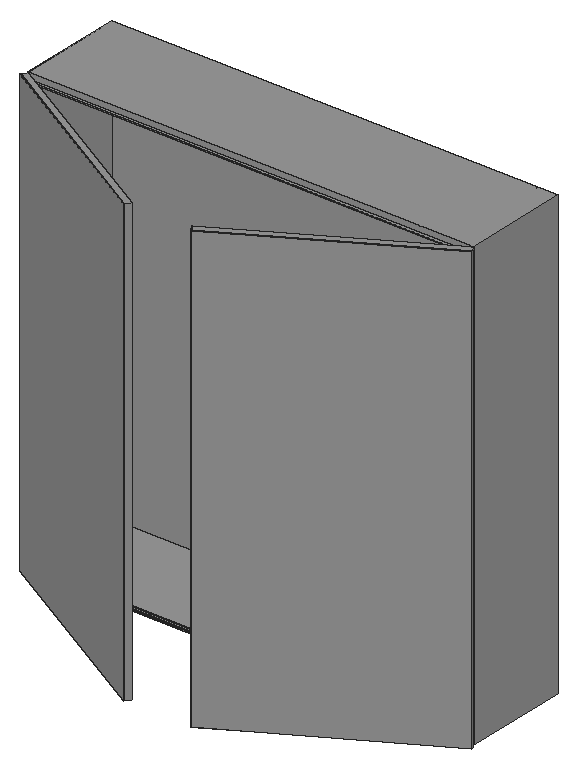
Revit family "Hager-Orion_Inox-IP55-D300-Cl.I-Inox_encl-630A-1200mm-NoHosted-CH-en", category Electrical Equipment, Revit 2020
Family settings
  Panel Configuration = Two Columns, Circuits Across
  Round Connector Dimension = Use Diameter
  Part Type = Panelboard
  Work Plane-Based = Yes
  Always vertical = Yes
  Cut with Voids When Loaded = No
  Shared = No
  Room Calculation Point = No
Parameters (values of type "Surface mounted (plaster) IP55 W1200 H1200 D300  - FL060BWL")
  Width Control [instance] = if([EF000008 - Width] > Min Width, [EF000008 - Width], Min Width)  # 1200 mm
  Type Comments = [HG000003 - Range]  # "Orion Inox"
  Thickness Door [instance] = if([EF009171 - Material plate thickness door/cover] > 3 mm, 3 mm, [EF009171 - Material plate thickness door/cover])  # 1.5 mm
  Seal Frame Offset [instance] = 17 mm  # constant formula
  Min Width [instance] = 100 mm  # constant formula
  Min Depth [instance] = (2 * [EF009170 - Material plate thickness cabinet]) + 1 mm  # 4 mm
  Min Height [instance] = 100 mm  # constant formula
  Internal Frame Depth [instance] = -(Door System Depth * 0.5)  # -9 mm
  Panel Name [instance] = ""  # (empty or 0)
  Model = ""
  HG000027 - Plinth height = 0 mm
  HG000026 - Floor standing = no
  HG000024 - Bottom section height = 600 mm
  HG000023 - Double section enclosure = no
  HG000016 - Door 3d visibility [instance] = yes
  HG000015 - Clearance visibility [instance] = no
  HG000014 - Door on the right [instance] = yes
  HG000013 - Door on the left [instance] = not([HG000014 - Door on the right])  # no
  HG000012 - Door swing angle [instance] = 30.00°
  HG000010 - Asymmetric doors = no
  HG000009 - Double swing door = yes
  HG000006 - Flush mounted = no
  HG000004 - Manufacturer reference = "FL060BWL"
  HG000003 - Range = "Orion Inox"
  HG000002 - With door or cover = yes
  Frame Offset Bottom [instance] = 10 mm  # constant formula
  Frame Offset [instance] = 15 mm  # constant formula
  EF015940 - Cover with overpressure release = no
  EF011959 - Degree of protection (NEMA) = ""
  EF009554 - Number of openings for flange plates = 0
  EF009212 - Cover model = "EV000116 - Closed"
  EF009171 - Material plate thickness door/cover = 1.5 mm
  EF009170 - Material plate thickness cabinet = 1.5 mm
  EF008873 - Nominal current (In) = 630 A
  EF007800 - Suitable for lightning protection = no
  EF006306 - With lock = yes
  EF006244 - Transparent cover/door = no
  EF005474 - Degree of protection (IP) = "EV006420 - IP55"
  EF004464 - Type of door = "EV003602 - Double"
  EF004427 - Number of modules = 0
  EF004293 - Impact strength = "EV008784 - IK10"
  EF003532 - Suitable for outdoor use = yes
  EF002950 - Width in number of modular spacings = 0
  EF001613 - Circuit integrity = "EV000494 - None"
  EF001596 - Material housing = "EV000166 - Stainless steel"
  EF001131 - Internal depth = 266 mm
  EF001088 - Extension possible = yes
  EF000437 - Number of conduit inlets = 0
  EF000339 - Type of cover = "EV004216 - Door"
  EF000266 - Number of rows = 0
  EF000218 - Built-in depth = 0 mm
  EF000118 - With mounting plate = no
  EF000116 - RAL-number = ""
  EF000049 - Depth = 300 mm
  EF000040 - Height = 1200 mm
  EF000008 - Width = 1200 mm
  EF000007 - Colour = "EV000154 - Other"
  EF000003 - Mounting method = "EV000384 - Surface mounted (plaster)"
  Door System Leaf Tolerance [instance] = 1.5 mm  # constant formula
  Door System Depth [instance] = 18 mm  # constant formula
  Description = ""
  Default Elevation = 1219.2 mm
  Connector Offset [instance] = Height Control / 2  # 600 mm
  Manufacturer = "Hager"  # constant formula
  Height Control [instance] = if([EF000040 - Height] > Min Height, [EF000040 - Height], Min Height)  # 1200 mm
  Depth Control [instance] = if([EF000049 - Depth] > Min Depth, [EF000049 - Depth], Min Depth)  # 300 mm
Types (4, lengths in mm): name | Width Control | HG000004 - Manufacturer reference | EF000008 - Width
  Surface mounted (plaster) IP55 W1000 H1200 D300  - FL058BW | 1000 | "FL058BW" | 1000
  Surface mounted (plaster) IP55 W1000 H1200 D300  - FL058BWL | 1000 | "FL058BWL" | 1000
  Surface mounted (plaster) IP55 W1200 H1200 D300  - FL060BW | 1200 | "FL060BW" | 1200
  Surface mounted (plaster) IP55 W1200 H1200 D300  - FL060BWL | 1200 | "FL060BWL" | 1200
Reference planes
  plane 1 "Center (Front/Back)": y = 0
  plane 2: z = 0
  plane 3 "Center (Left/Right)": x = 0
  plane 4: y = 0
  plane 5: y = 0
  plane 6: z = 0
  plane 7: x = -600
  plane 8: x = 600
  plane 9: x = 598.5
  plane 10: x = -598.5
  plane 11: z = 0
  plane 12: z = 1.5
  plane 13: y = -300
  plane 14: y = -1.5
  plane 15: x = 0
  plane 16: y = -282
  plane 17: y = -298.5
  plane 18: y = -280.5
  plane 19: x = -583.5
  plane 20: x = 583.5
  plane 21: z = 11.5
  plane 22: x = -583
  plane 23: x = 583
  plane 24: z = 0
  plane 25: z = 1200
  plane 26: z = 1200
  plane 27: z = 1183.5
  plane 28: z = 1198.5
Forms (mm)
  Extrusion 1, solid, material "Hager_Stainless_Steel", detail levels medium+fine
    sketch origin (-208.679, -4572, 0) x (-1, 0, 0) y (0, -1, 0)
      loop
        line (391.321, -4290) -> (-808.679, -4290) -> (-808.679, -4572) -> (391.321, -4572) -> (391.321, -4290)
    from 0 to 1200
  Extrusion 2, void
    sketch origin (-350.771, -300, 1219.2) x (1, 0, 0) y (0, 0, 1)
      loop
        line (-247.729, -20.7) -> (-247.729, -1217.7) -> (949.271, -1217.7) -> (949.271, -20.7) -> (-247.729, -20.7)
    from -19.5 to -298.5
  Extrusion 3, void
    sketch origin (-290.084, -282, 1219.2) x (1, 0, 0) y (0, 0, 1)
      loop
        line (-293.416, -1207.7) -> (873.584, -1207.7) -> (873.584, -35.7) -> (-293.416, -35.7) -> (-293.416, -1207.7)
    from 0 to -1.5
  Extrusion 4, solid, material "Hager_Stainless_Steel", detail levels fine
    sketch origin (-290.084, -282, 1219.2) x (-1, 0, 0) y (0, 0, 1)
      loop
        line (-873.584, -1207.7) -> (293.416, -1207.7) -> (293.416, -35.7) -> (-873.584, -35.7) -> (-873.584, -1207.7)
      loop
        line (-875.084, -1209.2) -> (294.916, -1209.2) -> (294.916, -34.2) -> (-875.084, -34.2) -> (-875.084, -1209.2)
    from 0 to -9 <- "Internal Frame Depth"
  Extrusion 5, solid, material "Hager_Stainless_Steel", detail levels coarse
    sketch origin (0, 0, 0) x (1, 0, 0) y (0, 1, 0)
      loop
        line (-600, 0) -> (-600, -300) -> (600, -300) -> (600, 0) -> (-600, 0)
    from 0 to 1200 <- "Height Control"
Cuts and joins
  Extrusion 2, Extrusion 3 cuts Extrusion 1
Lines and regions (mm)
  Masking region 1
    outline origin (0, 0, 0) x (1, 0, 0) y (0, 1, 0)
      loop
        line (-600, 0) -> (-600, -300) -> (600, -300) -> (600, 0) -> (-600, 0)
  Masking region 2
    outline origin (-290.084, -282, 1219.2) x (-1, 0, 0) y (0, 0, 1)
      loop
        line (-890.084, -1219.2) -> (309.916, -1219.2) -> (309.916, -19.2) -> (-890.084, -19.2) -> (-890.084, -1219.2)
  Masking region 3, detail levels coarse
    outline origin (0, 0, 0) x (0, 1, 0) y (0, 0, 1)
      loop
        line (0, 0) -> (0, 1200) -> (-300, 1200) -> (-300, 0) -> (0, 0)
  Masking region 4, detail levels medium+fine
    outline origin (0, 0, 594.038) x (0, 1, 0) y (0, 0, 1)
      loop
        line (0, -594.038) -> (0, 605.962) -> (-282, 605.962) -> (-282, -594.038) -> (0, -594.038)
Dimensions and locks
  locked: plane 1 "Center (Front/Back)" to plane 5
  "EF009170 - Material plate thickness cabinet": plane 7 to plane 10
  "EF009170 - Material plate thickness cabinet": plane 8 to plane 9
  equal spacing: plane 7, plane 3 "Center (Left/Right)", plane 8
  "Width Control": plane 7 to plane 8
  "Depth Control": plane 4 to plane 13
  "EF009170 - Material plate thickness cabinet": plane 4 to plane 14
  "Height Control": plane 25 to level
  "EF009170 - Material plate thickness cabinet": plane 12 to plane 11
  "EF009170 - Material plate thickness cabinet": plane 17 to plane 13
  "EF009170 - Material plate thickness cabinet": plane 18 to plane 16
  "Frame Offset Bottom": plane 21 to plane 12
  "Frame Offset": plane 10 to plane 19
  "Frame Offset": plane 9 to plane 20
  "Door System Depth": plane 16 to plane 13
  "Seal Frame Offset": plane 7 to plane 22
  "Seal Frame Offset": plane 8 to plane 23
  "EF009170 - Material plate thickness cabinet": plane 26 to plane 28
  "Frame Offset": plane 28 to plane 27
  "Connector Offset": plane 2 to connector elem
  "Thickness Door": cut or joined group of Extrusion 1, Extrusion 2, Extrusion 3 to Extrusion 4 sketch curve
  "Thickness Door": Extrusion 4 sketch curve to plane 19
  "Thickness Door": Extrusion 4 sketch curve to plane 20
  "Thickness Door": Extrusion 4 sketch curve to plane 27
  aligned and locked: Extrusion 2 sketch curve to plane 12
  aligned and locked: Extrusion 2 sketch curve to plane 9
  aligned and locked: Extrusion 2 sketch curve to plane 10
  aligned and locked: Extrusion 2 to plane 14
  aligned and locked: Extrusion 1 sketch curve to plane 4
  aligned and locked: plane 8 to Extrusion 1 sketch curve
  aligned and locked: plane 7 to Extrusion 1 sketch curve
  aligned and locked: Extrusion 2 to plane 18
  aligned and locked: Extrusion 3 sketch curve to plane 19
  aligned and locked: plane 20 to Extrusion 3 sketch curve
  aligned and locked: Extrusion 3 to Extrusion 2
  aligned and locked: Extrusion 3 sketch curve to plane 21
  aligned and locked: plane 3 "Center (Left/Right)" to nested 1
  aligned and locked: Extrusion 1 sketch curve to plane 16
  aligned and locked: Masking region 1 sketch curve to plane 7
  aligned and locked: Masking region 1 sketch curve to plane 5
  aligned and locked: Masking region 1 sketch curve to plane 8
  aligned and locked: Masking region 2 sketch curve to level
  aligned and locked: level to Masking region 3 sketch curve
  aligned and locked: plane 1 "Center (Front/Back)" to Masking region 3 sketch curve
  aligned and locked: plane 13 to Masking region 3 sketch curve
  aligned and locked: Masking region 2 sketch curve to plane 8
  aligned and locked: Masking region 2 sketch curve to plane 7
  aligned and locked: plane 7 to nested 2
  aligned and locked: nested 2 to plane 5
  aligned and locked: plane 5 to Masking region 4 sketch curve
  aligned and locked: plane 26 to Masking region 4 sketch curve
  aligned and locked: Extrusion 5 sketch curve to plane 8
  aligned and locked: Extrusion 5 sketch curve to plane 7
  aligned and locked: Extrusion 5 sketch curve to plane 5
  aligned and locked: Extrusion 3 sketch curve to plane 27
  aligned and locked: Extrusion 2 sketch curve to plane 28
  aligned and locked: Extrusion 4 sketch curve to plane 27
  aligned and locked: Extrusion 4 sketch curve to plane 20
  aligned and locked: Extrusion 4 sketch curve to plane 21
  aligned and locked: Extrusion 4 sketch curve to plane 19
  aligned and locked: Masking region 2 to plane 25
  aligned and locked: Masking region 4 sketch curve to plane 24
  aligned and locked: Masking region 1 to plane 13
  aligned and locked: nested 1 to plane 16
  aligned and locked: Masking region 3 to plane 25
  aligned and locked: Masking region 4 sketch curve to plane 16
  aligned and locked: plane 24 to plane 11
  aligned and locked: plane 26 to plane 25
  aligned and locked: level to plane 24
  aligned and locked: Extrusion 1 to Masking region 3
  aligned and locked: level to nested 1
Automatic sketch dimensions
  Extrusion 5 sketch curve to plane 13 = 0 mm
  plane 27 to Masking region 2 sketch curve = 16.5 mm
  plane 27 to Masking region 3 sketch curve = 16.5 mm
  Masking region 1 sketch curve to plane 13 = 0 mm
  Extrusion 3 sketch curve to plane 21 = 0 mm
  plane 19 to Extrusion 3 sketch curve = 0 mm
  Extrusion 3 sketch curve to plane 20 = 0 mm
Nested families
  nested 1: "EC000058_OrionInox_Door" at (0, -282, 0), Double <- "HG000009 - Double swing door", Transparent <- "EF006244 - Transparent cover/door", Angle <- "HG000012 - Door swing angle", Door_Right <- "HG000014 - Door on the right", Assymetrical <- "HG000010 - Asymmetric doors", Door <- "HG000002 - With door or cover", Width_Ctrl <- "Width Control", 3d_Door <- "HG000016 - Door 3d visibility", Clearance <- "HG000015 - Clearance visibility", Door_Left <- "HG000013 - Door on the left", Width <- "Width Control", Door_Depth <- "Door System Depth", Leaf_Tolerance <- "Door System Leaf Tolerance", Height <- "Height Control", Thickness <- "Thickness Door", type "EC000058_OrionInox_Door", detail levels medium+fine
    with min_wh 4 mm, Width_Ctrl 1200 mm, Width 1200 mm, Transparent no, Thickness 1.5 mm, Seal_Material Hager_Rubber, Leaf_Width 1200 mm, Leaf_Tolerance_External_Sides 0 mm, Leaf_Tolerance 1.5 mm, Leaf_Offset 0 mm, Leaf_Height 1197 mm, Leaf_2_Width 598.5 mm, Leaf_2_Offset 300 mm, Leaf_1_Width 598.5 mm, Leaf_1_Offset 300 mm, Height_Ctrl 1200 mm, Height 1200 mm, Glass_Material Hager_Glass, Double_Clearance_Ctrl no, Double yes, Door_Right_Ctrl yes, Door_Right yes, Door_Material Hager_Stainless_Steel, Door_Left_Ctrl yes, Door_Left no, Door_Depth 18 mm, Door yes, Clearance_Material Hager_Clearance, Clearance_Depth 598.5 mm, Clearance_Ctrl no, Clearance no, Assymetrical no, Angle 30.00°, 3d_Door yes
  nested 2: "Hager_Enclosure_Symbol" at (-600, 0, 0), Height <- "Depth Control", Width <- "Width Control", type "Hager_Enclosure_Symbol"
    with Width_Ctrl 1200 mm, Width 1200 mm, Height_Ctrl 300 mm, Height 300 mm, A_Width_Int 19.688 mm, A_Width 236.25 mm, A_Height_Ctrl 262.5 mm, A_Height 262.5 mm
Connectors
  electrical at (0, 0, 600)
    settings: on plane 1 "Center (Front/Back)", index 1, voltage 0 V, apparent load 0 VA, apparent load phase1 0 VA, apparent load phase2 0 VA, apparent load phase3 0 VA, power factor 1, load classification "Other", number of poles 1, system type 30, power factor state 1, is connector primary yes, connector utility no, sub classification motor no, connector description ""
Definition of nested family "EC000058_OrionInox_Door"
  Parameters (values of type "EC000058_OrionInox_Door")
    min_wh [instance] = (2 * Thickness) + 1 mm  # 11 mm
    Width_Ctrl [instance] = 400 mm
    Width [instance] = 500 mm
    Transparent [instance] = yes
    Thickness [instance] = 5 mm
    Seal_Material [instance] = none
    Leaf_Width [instance] = if((Width_Ctrl - 2 * Leaf_Tolerance_External_Sides) > 0 mm, (Width_Ctrl - 2 * Leaf_Tolerance_External_Sides), min_wh)  # 400 mm
    Leaf_Tolerance_External_Sides [instance] = 0 mm  # constant formula
    Leaf_Tolerance [instance] = 1.5 mm
    Leaf_Offset [instance] = 0 mm  # constant formula
    Leaf_Height [instance] = if((Height_Ctrl - 2 * Leaf_Tolerance) > 0 mm, (Height_Ctrl - 2 * Leaf_Tolerance), min_wh)  # 497 mm
    Leaf_2_Width [instance] = if(and(and(Double, Assymetrical), Door_Left), (Leaf_Width / 3) - (Leaf_Tolerance / 2), if(and(and(Double, Assymetrical), Door_Right), (Leaf_Width / 3) * 2 - (Leaf_Tolerance / 2), if(and(Double, not(Assymetrical)), (Leaf_Width / 2) - Leaf_Tolerance, Leaf_Width)))  # 400 mm
    Leaf_2_Offset [instance] = if(and(Double, Assymetrical), Leaf_2_Width / 2, if(and(Double, not(Assymetrical)), Leaf_Width / 4, Leaf_Width / 2))  # 200 mm
    Leaf_1_Width [instance] = if(and(and(Double, Assymetrical), Door_Right), (Leaf_Width / 3) - (Leaf_Tolerance / 2), if(and(and(Double, Assymetrical), Door_Left), (Width / 3) * 2 - (Leaf_Tolerance / 2), if(and(Double, not(Assymetrical)), (Leaf_Width / 2) - Leaf_Tolerance, Leaf_Width)))  # 400 mm
    Leaf_1_Offset [instance] = if(and(Double, Assymetrical), Leaf_1_Width / 2, if(and(Double, not(Assymetrical)), Leaf_Width / 4, Leaf_Width / 2))  # 200 mm
    Height_Ctrl [instance] = if(Height > min_wh, Height, min_wh)  # 500 mm
    Height [instance] = 500 mm
    Glass_Material [instance] = none
    Double_Clearance_Ctrl [instance] = and(Double, Clearance)  # no
    Double [instance] = no
    Door_Right_Ctrl [instance] = and(or(Door_Right, Double), Door)  # yes
    Door_Right [instance] = yes
    Door_Material [instance] = none
    Door_Left_Ctrl [instance] = and(or(Door_Left, Double), Door)  # no
    Door_Left [instance] = no
    Door_Depth [instance] = 30 mm
    Door [instance] = yes
    Default Elevation = 1219.2 mm
    Clearance_Material [instance] = none
    Clearance_Depth [instance] = if(Leaf_1_Width > Leaf_2_Width, Leaf_1_Width, Leaf_2_Width)  # 400 mm
    Clearance_Ctrl [instance] = and(not(Double), Clearance)  # yes
    Clearance [instance] = yes
    Assymetrical [instance] = yes
    Angle [instance] = 30.00°
    3d_Door [instance] = yes
  Reference planes
    plane 1 "Center (Front/Back)": y = 0
    plane 2 "Bottom": z = 0
    plane 3 "Center (Left/Right)": x = 0
    plane 4: z = 500
    plane 5: x = -200
    plane 6: x = 200
    plane 7: z = 500
    plane 8: x = -200
    plane 9: z = 0
    plane 10: x = 200
    plane 11: y = 0
    plane 12: z = 1.5
    plane 13: x = -600
    plane 14: y = -400
    plane 15: x = 600
    plane 16: x = 0
    plane 17: x = 0
    plane 18: x = -200
    plane 19: x = 200
    plane 20: z = 498.5
  Forms (mm)
    Extrusion 1, solid, material <- "Clearance_Material", visible <- "Double_Clearance_Ctrl"
      sketch origin (1200, 0, 0) x (1, 0, 0) y (0, 0, -1)
        loop
          line (-1800, -498.5) -> (-600, -498.5) -> (-600, 0) -> (-1800, 0) -> (-1800, -498.5)
      from 0 to -400
  Dimensions and locks
    equal spacing: plane 5, plane 3 "Center (Left/Right)", plane 6
    "Width_Ctrl": plane 5 to plane 6
    "Leaf_Offset": plane 5 to plane 8
    "Leaf_Offset": plane 6 to plane 10
    "Leaf_Offset": plane 9 to level
    "Leaf_Offset": plane 4 to plane 7
    "Height_Ctrl": plane 4 to level
    "Leaf_Tolerance": plane 12 to plane 9
    locked: plane 11 to plane 1 "Center (Front/Back)"
    "Leaf_1_Offset": plane 18 to plane 16
    "Leaf_2_Offset": plane 17 to plane 19
    "Leaf_1_Width": plane 13 to plane 8
    "Leaf_2_Width": plane 10 to plane 15
    "Clearance_Depth": plane 14 to plane 1 "Center (Front/Back)"
    "Leaf_Tolerance_External_Sides": plane 8 to plane 18
    "Leaf_Tolerance_External_Sides": plane 19 to plane 10
    "Leaf_Tolerance": plane 7 to plane 20
    aligned and locked: level to plane 2 "Bottom"
    aligned and locked: nested 1 to plane 16
    aligned and locked: nested 2 to plane 17
    aligned and locked: Extrusion 1 to plane 13
    aligned and locked: plane 15 to Extrusion 1
    aligned and locked: Extrusion 1 to plane 14
    aligned and locked: plane 12 to nested 1
    aligned and locked: nested 2 to plane 12
    aligned and locked: Extrusion 1 to plane 11
    aligned and locked: plane 20 to Extrusion 1
    aligned and locked: nested 2 to plane 11
    aligned and locked: nested 1 to plane 11
  Automatic sketch dimensions
    Extrusion 1 sketch curve to level = 0 mm
    plane 5 to Extrusion 1 sketch curve = 400 mm
    plane 6 to Extrusion 1 sketch curve = 400 mm
    Extrusion 1 sketch curve to plane 4 = 1.5 mm
  Nested families
    nested 1: "EC000058_OrionInox_Door_Leaf" at (0, 0, 1.5), Width <- "Leaf_1_Width", visible <- "Door_Left_Ctrl", Leaf_Height <- "Leaf_Height", Angle <- "Angle", 3d_Door <- "3d_Door", Transparent <- "Transparent", Clearance Material <- "Clearance_Material", Clearance <- "Clearance_Ctrl", Door_Material <- "Door_Material", Glass_Material <- "Glass_Material", Door_Depth <- "Door_Depth", Seal_Material <- "Seal_Material", Thickness <- "Thickness", type "EC000058_OrionInox_Door_Leaf"
      with Width 400 mm, Transparent_Ctrl yes, Transparent yes, Thickness 5 mm, Standard no, Seal_Material none, Seal_D2 8 mm, Seal_D1 1 mm, Offset_Internal_Frame 10 mm, Lock_Width 28 mm, Lock_Thickness 2 mm, Lock_Radius 6 mm, Leaf_Height 497 mm, Internal_Seal_Thickness 8 mm, Internal_Seal_Depth_2 4.5 mm, Internal_Frame_Depth 25 mm, Glass_Thickness -1 mm, Glass_Offset -2 mm, Glass_Material none, Door_Material none, Door_Depth 30 mm, Clearance Material none, Clearance yes, Angle_Ctrl 30.00°, Angle 30.00°, 3d_Door yes
    nested 2: "EC000058_OrionInox_Door_Leaf" at (0, 0, 1.5) x (-1, 0, 0) z (0, 0, 1), Width <- "Leaf_2_Width", visible <- "Door_Right_Ctrl", Leaf_Height <- "Leaf_Height", Angle <- "Angle", 3d_Door <- "3d_Door", Transparent <- "Transparent", Clearance Material <- "Clearance_Material", Clearance <- "Clearance_Ctrl", Door_Material <- "Door_Material", Glass_Material <- "Glass_Material", Door_Depth <- "Door_Depth", Seal_Material <- "Seal_Material", Thickness <- "Thickness", type "EC000058_OrionInox_Door_Leaf"
      with Width 400 mm, Transparent_Ctrl yes, Transparent yes, Thickness 5 mm, Standard no, Seal_Material none, Seal_D2 8 mm, Seal_D1 1 mm, Offset_Internal_Frame 10 mm, Lock_Width 28 mm, Lock_Thickness 2 mm, Lock_Radius 6 mm, Leaf_Height 497 mm, Internal_Seal_Thickness 8 mm, Internal_Seal_Depth_2 4.5 mm, Internal_Frame_Depth 25 mm, Glass_Thickness -1 mm, Glass_Offset -2 mm, Glass_Material none, Door_Material none, Door_Depth 30 mm, Clearance Material none, Clearance yes, Angle_Ctrl 30.00°, Angle 30.00°, 3d_Door yes
  Definition of nested family "EC000058_OrionInox_Door_Leaf"
    Parameters (values of type "EC000058_OrionInox_Door_Leaf")
      Width [instance] = 450 mm
      Transparent_Ctrl [instance] = and(Transparent, [3d_Door])  # yes
      Transparent [instance] = yes
      Thickness [instance] = 5 mm
      Standard [instance] = and(not(Transparent), [3d_Door])  # no
      Seal_Material [instance] = none
      Seal_D2 [instance] = 8 mm  # constant formula
      Seal_D1 [instance] = 1 mm  # constant formula
      Offset_Internal_Frame [instance] = 10 mm  # constant formula
      Lock_Width [instance] = Door_Depth - Lock_Thickness  # 28 mm
      Lock_Thickness [instance] = 2 mm  # constant formula
      Lock_Radius [instance] = 6 mm  # constant formula
      Leaf_Height [instance] = 450 mm
      Internal_Seal_Thickness [instance] = 8 mm  # constant formula
      Internal_Seal_Depth_2 [instance] = 4.5 mm  # constant formula
      Internal_Frame_Depth [instance] = if(Door_Depth - Thickness > 5 mm, Door_Depth - Thickness, 5 mm)  # 25 mm
      Glass_Thickness [instance] = if(Thickness > 15 mm, Glass_Offset + 10 mm, -1 mm)  # -1 mm
      Glass_Offset [instance] = if(Thickness > 15 mm, -(Thickness + 10 mm) / 2, -2 mm)  # -2 mm
      Glass_Material [instance] = none
      Door_Material [instance] = none
      Door_Depth [instance] = 30 mm
      Default Elevation = 0 mm
      Clearance Material [instance] = none
      Clearance [instance] = yes
      Angle_Ctrl [instance] = if(Angle > 180.00°, 180.00°, Angle)  # 90.00°
      Angle [instance] = 90.00°
      3d_Door [instance] = yes
    Reference planes
      plane 1 "Center (Front/Back)": y = 0
      plane 2: z = 0
      plane 3 "Center (Left/Right)": x = 0
      plane 4: y = 450
      plane 5: x = -225
      plane 6: x = 225
      plane 7: x = -675
      plane 8: z = 450
      plane 9: z = 30
      plane 10: z = 420
      plane 11: x = 195
      plane 12: x = -195
      plane 13: y = -3
      plane 14: z = 107.833
      plane 15: y = -5
      plane 16: y = -223.314
      plane 17: x = -225
      plane 18: y = 30
    Forms (mm)
      Extrusion 1, solid, material <- "Clearance Material", visible <- "Clearance"
        sketch origin (0, 0, 0) x (1, 0, 0) y (0, 0, 1)
          loop
            line (-675, 450) -> (-675, 0) -> (225, 0) -> (225, 450) -> (-675, 450)
        from 0 to -450
      Extrusion 2, solid, material <- "Door_Material", visible <- "Standard", detail levels medium+fine
        sketch origin (-225, 0, 0) x (0, 1, 0) y (-1, 0, 0)
          loop
            line (0, 30) -> (0, 25) -> (450, 25) -> (450, 30) -> (0, 30)
        from 0 to 450 <- "Leaf_Height"
      Extrusion 3, solid, material <- "Door_Material", visible <- "Transparent_Ctrl", detail levels medium+fine
        sketch origin (-225, 0, 0) x (0, 1, 0) y (-1, 0, 0)
          loop
            line (0, 25) -> (450, 25) -> (450, 30) -> (0, 30) -> (0, 25)
        from 0 to 450 <- "Leaf_Height"
      Extrusion 4, void
        sketch origin (-250, 450, 0) x (0, 1, 0) y (0, 0, -1)
          loop
            line (-30, -420) -> (-30, -30) -> (-420, -30) -> (-420, -420) -> (-30, -420)
        from 0 to 5 <- "Thickness"
      Sweep 5, solid, material <- "Seal_Material", visible <- "Transparent_Ctrl", detail levels fine
        path in 3D
          loop
            line (-250, 30, 30) -> (-250, 30, 420) -> (-250, 420, 420) -> (-250, 420, 30) -> (-250, 30, 30)
        profile origin (-250, 225, 30) x (1, 0, 0) y (0, 0, 1)
          loop
            line (0, 0) -> (0, -8) -> (1, -8) -> (1, 0) -> (0, 0)
      Extrusion 6, solid, material <- "Glass_Material", visible <- "Transparent_Ctrl", detail levels medium+fine
        sketch origin (-255, 0, 0) x (0, 1, 0) y (0, 0, -1)
          loop
            line (420, -420) -> (420, -30) -> (30, -30) -> (30, -420) -> (420, -420)
        from -2 <- "Glass_Offset" to -1 <- "Glass_Thickness"
      Extrusion 7, solid, material <- "Door_Material", visible <- "3d_Door", detail levels medium+fine
        sketch origin (-250, 450, 0) x (0, -1, 0) y (0, 0, -1)
          loop
            line (0, -450) -> (450, -450) -> (450, 0) -> (0, 0) -> (0, -450)
          loop
            line (445, -5) -> (5, -5) -> (5, -445) -> (445, -445) -> (445, -5)
        from 0 to 25 <- "Internal_Frame_Depth"
      Sweep 8, solid, material <- "Seal_Material", visible <- "Transparent_Ctrl", detail levels fine
        path in 3D
          loop
            line (-250, 0, 0) -> (-250, 450, 0) -> (-250, 450, 450) -> (-250, 0, 450) -> (-250, 0, 0)
        profile origin (-250, 0, 225) x (1, 0, 0) y (0, 1, 0)
          loop
            line (0, 10) -> (2.975, 10)
            arc (2.975, 10) -> (4.053, 10.447) -> (4.5, 11.525) r 1.525
            line (4.5, 11.525) -> (4.5, 16.527)
            arc (4.5, 16.527) -> (4.069, 17.569) -> (3.027, 18) r 1.473
            line (3.027, 18) -> (0, 18) -> (0, 10)
    Cuts and joins
      Extrusion 4 cuts Extrusion 3
    Lines and regions (mm)
      Masking region 1, detail levels medium+fine
        outline origin (0, 0, 0) x (0, 1, 0) y (0, 0, 1)
          loop
            line (0, 0) -> (30, 0) -> (30, 450) -> (0, 450) -> (0, 0)
      Masking region 2, detail levels medium+fine
        outline origin (0, 0, 0) x (1, 0, 0) y (0, 0, 1)
          loop
            line (-225, 450) -> (-225, 0) -> (225, 0) -> (225, 450) -> (-225, 450)
      symbolic lines
        curve 1: line (225, 0, 0) -> (-675, 0, 0)
        curve 2: arc (225, 0, 0) -> (-225, 450, 0) -> (-675, 0, 0) r 450
        curve 4: line (-255, 0, 0) -> (-255, 450, 0)
      reference lines
        curve 3: line (-225, 0, 0) -> (-225, 450, 0)
      symbolic lines, detail levels medium+fine
        curve 5: line (-255, 450, 0) -> (-250, 450, 0)
        curve 7: line (-250, 0, 0) -> (-255, 0, 0)
        curve 8: line (-250, 0, 0) -> (-225, 0, 0)
        curve 9: line (-225, 0, 0) -> (-225, 450, 0)
        curve 10: line (-225, 450, 0) -> (-250, 450, 0)
      symbolic lines, detail levels fine
        curve 6: line (-250, 450, 0) -> (-250, 0, 0)
      sketch lines
        curve 11: line (-250, 0, 450) -> (-250, 0, 0)
        curve 12: line (-250, 450, 0) -> (-250, 0, 0)
        curve 13: line (-250, 450, 450) -> (-250, 450, 0)
        curve 14: line (-250, 0, 450) -> (-250, 450, 450)
        curve 15: line (-250, 420, 30) -> (-250, 30, 30)
        curve 16: line (-250, 30, 30) -> (-250, 30, 420)
        curve 17: line (-250, 420, 420) -> (-250, 420, 30)
        curve 18: line (-250, 30, 420) -> (-250, 420, 420)
      symbolic lines, visible <- "Transparent", detail levels medium+fine
        curve 19: line (-195, 0, 420) -> (195, 0, 420)
        curve 20: line (-195, 0, 30) -> (-195, 0, 420)
        curve 21: line (195, 0, 30) -> (-195, 0, 30)
        curve 22: line (195, 0, 420) -> (195, 0, 30)
    Dimensions and locks
      "Width": plane 1 "Center (Front/Back)" to plane 4
      equal spacing: plane 5, plane 3 "Center (Left/Right)", plane 6
      "Width": plane 5 to plane 6
      "Width": plane 7 to plane 5
      "Leaf_Height": plane 8 to level
      "Width": curve 5 to curve 3
      "Width": curve 3 to curve 3
      plane 8 to plane 10 = 30 mm
      plane 9 to level = 30 mm
      plane 12 to plane 5 = 30 mm
      plane 6 to plane 11 = 30 mm
      Extrusion 4 sketch curve to Extrusion 3 = 30 mm
      Extrusion 3 to Extrusion 4 sketch curve = 30 mm
      Extrusion 1 to Extrusion 4 sketch curve = 30 mm
      curve 3 to Extrusion 4 sketch curve = 30 mm
      Extrusion 4 sketch curve to cut or joined group of Extrusion 3, Extrusion 4 = 30 mm
      cut or joined group of Extrusion 3, Extrusion 4 to Extrusion 6 sketch curve = 30 mm
      cut or joined group of Extrusion 3, Extrusion 4 to Extrusion 4 sketch curve = 30 mm
      "Thickness": curve 6 to curve 4
      "Thickness": Extrusion 7 sketch curve to Extrusion 7 sketch curve  (x4)
      "Door_Depth": curve 4 to curve 3
      "Offset_Internal_Frame": profile plane to Sweep 8 sketch curve
      "Internal_Seal_Thickness": Sweep 8 sketch curve to Sweep 8 sketch curve
      "Internal_Seal_Depth_2": profile plane to Sweep 8 sketch curve
      "Seal_D1": profile plane to Sweep 5 sketch curve
      "Seal_D2": profile plane to Sweep 5 sketch curve
      "Thickness": Extrusion 2 sketch curve to Extrusion 2 sketch curve
      "Door_Depth": plane 18 to plane 1 "Center (Front/Back)"
      radius of Sweep 8 sketch curve = 1.525 mm
      radius of Sweep 8 sketch curve = 1.473 mm
      "Angle_Ctrl": angle plane 1 "Center (Front/Back)" to curve 3
      aligned and locked: level to plane 2
      aligned and locked: Extrusion 1 to curve 1
      aligned and locked: plane 6 to Extrusion 1
      aligned and locked: plane 1 "Center (Front/Back)" to Extrusion 1
      aligned and locked: plane 4 to Extrusion 1
      aligned and locked: plane 8 to Extrusion 1
      aligned and locked: curve 7 to Extrusion 2 sketch curve
      aligned and locked: curve 5 to Extrusion 2 sketch curve
      aligned and locked: curve 7 to Extrusion 3 sketch curve
      aligned and locked: Extrusion 3 sketch curve to curve 4
      aligned and locked: Extrusion 3 sketch curve to curve 6
      aligned and locked: Extrusion 3 sketch curve to curve 5
      aligned and locked: curve 9 to curve 3
      aligned and locked: Extrusion 7 sketch curve to cut or joined group of Extrusion 3, Extrusion 4  (x4)
      aligned and locked: plane 17 to curve 3
      aligned and locked: plane 1 "Center (Front/Back)" to curve 3
      aligned and locked: plane 17 to plane 5
      aligned and locked: Sweep 8 sketch curve to profile plane
      aligned and locked: Sweep 5 sketch curve to profile plane  (x2)
      aligned and locked: plane 1 "Center (Front/Back)" to Masking region 1 sketch curve
      aligned and locked: plane 18 to Masking region 1 sketch curve
      aligned and locked: level to Masking region 1 sketch curve
      aligned and locked: Masking region 1 sketch curve to plane 8
      aligned and locked: plane 17 to Masking region 2 sketch curve
      aligned and locked: level to Masking region 2 sketch curve
      aligned and locked: Masking region 2 sketch curve to plane 8
      aligned and locked: plane 12 to curve 20
      aligned and locked: plane 10 to curve 19
      aligned and locked: plane 11 to curve 22
      aligned and locked: plane 9 to curve 21
      aligned and locked: Extrusion 2 sketch curve to cut or joined group of Extrusion 3, Extrusion 4
    Automatic sketch dimensions
      plane 1 "Center (Front/Back)" to curve 2 = 0 mm
      curve 2 to plane 5 = 0 mm
      Extrusion 1 sketch curve to level = 0 mm
      Extrusion 1 sketch curve to plane 7 = 0 mm
      Extrusion 1 sketch curve to plane 6 = 0 mm
      Extrusion 1 sketch curve to plane 8 = 0 mm
      Extrusion 3 to Extrusion 6 sketch curve = 30 mm  (x4)
      Masking region 2 sketch curve to plane 6 = 0 mm
      curve 4 to curve 3 = 0 mm
Definition of nested family "Hager_Enclosure_Symbol"
  Parameters (values of type "Hager_Enclosure_Symbol")
    Width_Ctrl [instance] = if(Width > 1 mm, Width, 1 mm)  # 102.27 mm
    Width [instance] = 102.27 mm
    Height_Ctrl [instance] = if(Height > 1 mm, Height, 1 mm)  # 66.5 mm
    A_Width_Int [instance] = if(A_Width / 12 > 2 mm, A_Width / 12, 2 mm)  # 4.364 mm
    A_Width [instance] = if(A_Height_Ctrl * 0.9 > 2 mm, A_Height_Ctrl * 0.9, 2 mm)  # 52.369 mm
    A_Height_Ctrl [instance] = if(A_Height > 2 mm, A_Height, 2 mm)  # 58.188 mm
    Height [instance] = 66.5 mm
    A_Height [instance] = Height - (Height / 8)  # 58.188 mm
  Reference planes
    plane 1 "Centre (avant/arrière)": y = 0
    plane 2: z = 0
    plane 3 "Centre (gauche/droite)": x = 0
    plane 4: x = 52.369
    plane 5: y = 33.042
    plane 6: y = 41.77
    plane 7: y = 66.5
    plane 8: x = 26.184
    plane 9: y = 37.406
    plane 10: x = 102.27
    plane 11: y = 66.5
    plane 12: y = 8.313
  Lines and regions (mm)
    Filled region 1, type "Solid_Black", in view "Niveau de réf."
      outline origin (0, 0, 0) x (1, 0, 0) y (0, 1, 0)
        loop
          line (52.369, 66.5) -> (33.188, 54.536) -> (45.365, 45.006) -> (52.369, 66.5)
    Filled region 2, type "Solid_Black", in view "Niveau de réf."
      outline origin (0, 0, 0) x (1, 0, 0) y (0, 1, 0)
        loop
          line (0, 0) -> (102.27, 0) -> (102.27, 66.5) -> (0, 0)
    detail lines, in view "Niveau de réf."
      curve 1: line (0, 8.313, 0) -> (26.184, 41.77, 0)
      curve 2: line (26.184, 41.77, 0) -> (26.184, 33.042, 0)
      curve 3: line (26.184, 33.042, 0) -> (52.369, 66.5, 0)
  Dimensions and locks
    "A_Width": plane 3 "Centre (gauche/droite)" to plane 4
    equal spacing: plane 3 "Centre (gauche/droite)", plane 8, plane 4
    equal spacing: plane 6, plane 9, plane 5
    equal spacing: curve 3, Filled region 1 sketch curve, Filled region 1 sketch curve
    "Height_Ctrl": plane 1 "Centre (avant/arrière)" to plane 11
    "A_Height_Ctrl": plane 11 to plane 12
    equal spacing: plane 11, plane 9, plane 12
    "A_Width_Int": plane 6 to plane 9
    "Width_Ctrl": plane 3 "Centre (gauche/droite)" to plane 10
    angle Filled region 1 sketch curve to curve 3 = 20.00°
    angle curve 3 to Filled region 1 sketch curve = 20.00°
    locked: curve 3 to Filled region 1 sketch curve (angle 90.00°)
    aligned and locked: plane 10 to Filled region 2
    aligned and locked: plane 11 to Filled region 2 sketch curve
    aligned and locked: plane 10 to Filled region 2 sketch curve
    aligned and locked: plane 3 "Centre (gauche/droite)" to curve 1
    aligned and locked: plane 12 to curve 1
    aligned and locked: plane 7 to plane 11
  Automatic sketch dimensions
    Filled region 1 sketch curve to plane 4 = 0 mm
    Filled region 1 sketch curve to plane 7 = 0 mm
    plane 1 "Centre (avant/arrière)" to Filled region 2 sketch curve = 0 mm
    Filled region 2 sketch curve to plane 3 "Centre (gauche/droite)" = 0 mm
    curve 2 to plane 6 = 0 mm
    curve 2 to plane 8 = 0 mm
    curve 3 to plane 4 = 0 mm
    curve 2 to plane 5 = 0 mm
    curve 3 to plane 7 = 0 mm
